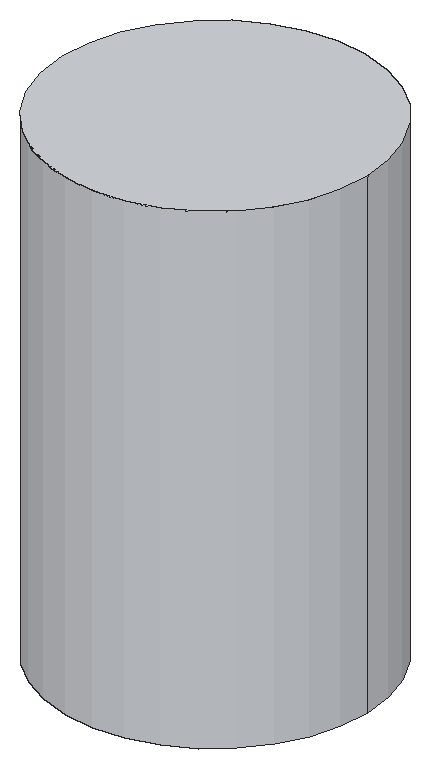
Revit family "StructuralFoundations_FreeformProfile", category Structural Foundations, Revit 2021
Family settings
  Material for Model Behavior = Concrete
  Cap = No
  Work Plane-Based = No
  Always vertical = Yes
  Cut with Voids When Loaded = No
  Shared = Yes
Parameters (values of type "RC PILE")
  Type Comments = ""
  Structural Material = <By Category>
  Pile Length [instance] = Pile Depth + Pile Embedment  # 1575 mm
  Pile Embedment [instance] = 75 mm  # constant formula
  Pile Depth [instance] = 1500 mm
  Keynote = ""
  Diameter = 1000 mm
  Description = ""
  Assembly Code = ""
Reference planes
  plane 1 "Center (Front/Back)": y = 0
  plane 2: z = 0
  plane 3 "Center (Left/Right)": x = 0
  plane 4 "Top Constraint": z = 75
  plane 5 "Bottom Constraint": z = -1500
Forms (mm)
  Extrusion 1, solid
    sketch origin (0, 0, 0) x (1, 0, 0) y (0, 1, 0)
      loop
        circle (0, 0) r 500
    from -1500 to 75
Lines and regions (mm)
  symbolic lines, style "HiddenStructuralFoundationLines"
    curve 1: line (-500, 0, 75) -> (500, 0, 75)
    curve 2: line (0, 500, 75) -> (0, -500, 75)
Dimensions and locks
  level to plane 4 "Top Constraint" = 75 mm
  "Pile Depth": plane 2 to plane 5 "Bottom Constraint"
  "Pile Embedment": plane 4 "Top Constraint" to plane 2
  aligned and locked: plane 4 "Top Constraint" to Extrusion 1
  aligned and locked: curve 1 to plane 4 "Top Constraint"
  aligned and locked: Extrusion 1 to plane 4 "Top Constraint"
  aligned and locked: Extrusion 1 to plane 5 "Bottom Constraint"
  aligned and locked: curve 2 to plane 4 "Top Constraint"
Automatic sketch dimensions
  plane 1 "Center (Front/Back)" to Extrusion 1 sketch curve = 0 mm
  Extrusion 1 sketch curve to plane 3 "Center (Left/Right)" = 0 mm
  plane 3 "Center (Left/Right)" to curve 1 = 500 mm
  curve 1 to plane 3 "Center (Left/Right)" = 500 mm
  plane 1 "Center (Front/Back)" to curve 2 = 500 mm
  curve 2 to plane 1 "Center (Front/Back)" = 500 mm
  radius of Extrusion 1 sketch curve = 500 mm
